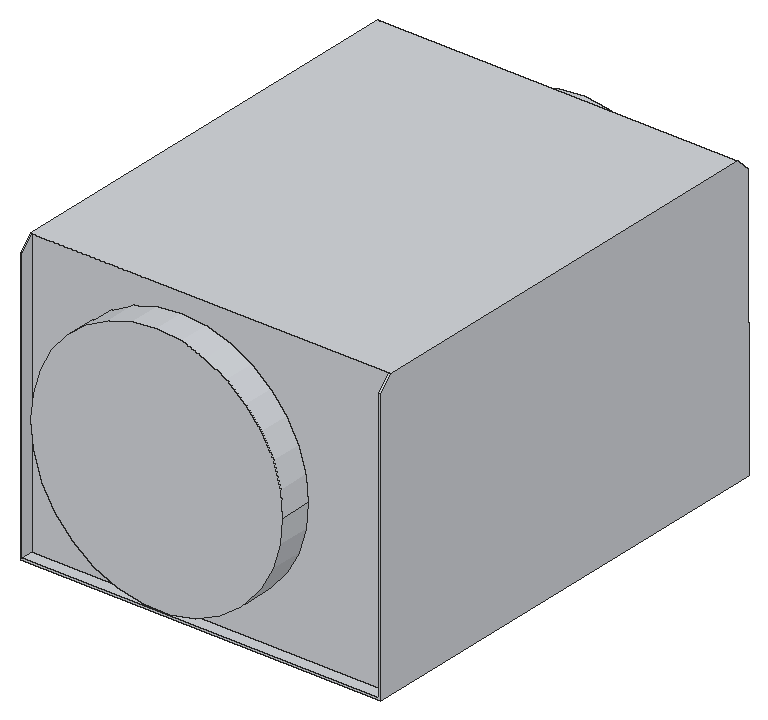
Revit family "CADS_Vent-Axia_MechEquip_Fan_ACQ - SUPPLY", category Mechanical Equipment, host Face, Revit 2020
Family settings
  Host = Face
  Round Connector Dimension = Use Diameter
  Classification = None
  Part Type = Normal
  OmniClass Number = 23.75.35.17.11
  OmniClass Title = Fans for Air Ductwork
  Cut with Voids When Loaded = No
  Shared = No
  Room Calculation Point = No
Parameters (values of type "ACQ40014D")
  WorkingPressure = 0.0 Pa
  WarrantyStartDate [instance] = "1900-12-31T23:59:59"
  WarrantyPeriod = ""
  WarrantyIdentifier = "N/A"
  WarrantyGuarantorParts = ""
  WarrantyGuarantorLabor = ""
  WarrantyGuarantor = ""
  WarrantyEndDate [instance] = "1900-12-31T23:59:59"
  WarrantyContent = ""
  W = 0 mm
  Type Image = CADS_Vent-Axia_MechEquip_Fan_ACQ.jpg
  TemperatureRange = ""
  TagNumber [instance] = "N/A"
  SustainabilityPerformance = ""
  Status = "New"
  SpigotLength = 0 mm
  SpigotCLHeight = 226.125 mm
  Size = "730mm x572mm x456mm"
  Shape = ""
  ServiceLifeType = ""
  ServiceLifeDuration = ""
  SerialNumber [instance] = "N/A"
  ReplacementCost = ""
  RatedVoltage = 0 V
  RatedCurrent = 0 A
  Quantity = 1
  ProductionYear = ""
  PressureCurve = ""
  PowerFactor = ""
  PointOfContact = ""
  OverallLength = 0 mm
  OutOffset = 45 mm
  NumberOfPoles = 0
  NominalWidth = 572 mm
  NominalLength = 730 mm
  NominalHeight = 456 mm
  NominalFrequencyRange = ""
  NominalDiameter = 400 mm
  ModelReference = "ACOUSTIC BOX FAN, 400 DIA SPIGOTS"
  ModelNumber = "ACQ40014D"
  Material = ""
  ManufacturerE-Mail = "tech@vent-axia.com"
  ManufacturerAddress = "Fleming Way\nCrawley \nRH10 9YX"
  L = NominalLength - 40 mm  # 690 mm
  IsExtendedWarranty = no
  InsulationStandardClass = ""
  InstallationDate [instance] = "1900-12-31T23:59:59"
  IfcExportType [instance] = ""
  IfcExportAs [instance] = "IfcFanType"
  IP_Code = ""
  HasProtectiveEarth = no
  H = 0 mm
  GrossWeight = 0.00 kg
  Grade = ""
  GlobalTradeItemNumber [instance] = "N/A"
  Fitting Type = "Ignore"
  Finish = ""
  Features = ""
  ExteriorInsulation = no
  ExpectedServiceLife = 0
  Exclusions = ""
  EBVoffset = 257.4 mm
  EBHoffset = 105.5 mm
  DurationUnit = "Year"
  Default Elevation = 1219.2 mm
  Constituents = ""
  ConductorFunction = ""
  Color = ""
  CodePerformance = ""
  Category = ""
  CADS_Usage = 0
  CADS_Index = 0
  AssetType = "FIXED"
  AssetIdentifier [instance] = "N/A"
  AssemblyPlace = "UNKNOWN"
  ArticleNumber [instance] = "N/A"
  AirflowRateRange = 0.0 L/s
  Air Flow [instance] = 0.0 L/s
  AccessibilityPerformance = ""
Types (10, lengths in mm): name | SpigotCLHeight | Size | OutOffset | NominalWidth | NominalLength | NominalHeight | NominalDiameter | ModelReference | ModelNumber | L | EBVoffset | EBHoffset
  ACQ10012D | 93.75 | "400mm x310mm x190mm" | 61.875 | 310 | 400 | 190 | 100 | "ACOUSTIC BOX FAN, 100 DIA SPIGOTS" | "ACQ10012D" | 360 | 55 | 110
  ACQ12512D | 94.375 | "400mm x310mm x190mm" | 62.5 | 310 | 400 | 190 | 125 | "ACOUSTIC BOX FAN, 125 DIA SPIGOTS" | "ACQ12512D" | 360 | 49 | 109
  ACQ15012D | 93.75 | "400mm x310mm x190mm" | 50 | 310 | 400 | 190 | 150 | "ACOUSTIC BOX FAN, 150 DIA SPIGOTS" | "ACQ15012D" | 360 | 94.1 | 92
  ACQ16012D | 93.75 | "400mm x310mm x190mm" | 45 | 310 | 400 | 190 | 160 | "ACOUSTIC BOX FAN, 160 DIA SPIGOTS" | "ACQ16012D" | 360 | 49 | 109
  ACQ20012D | 140 | "455mm x364mm x285mm" | 55 | 364 | 455 | 285 | 200 | "ACOUSTIC BOX FAN, 200 DIA SPIGOTS" | "ACQ20012D" | 415 | 91.6 | 93
  ACQ25012D | 141.25 | "455mm x364mm x285mm" | 30 | 364 | 455 | 285 | 250 | "ACOUSTIC BOX FAN, 250 DIA SPIGOTS" | "ACQ25012D" | 415 | 91.6 | 92
  ACQ31512LD | 172.75 | "455mm x404mm x348mm" | 20 | 404 | 455 | 348 | 315 | "ACOUSTIC BOX FAN, 315 DIA SPIGOTS" | "ACQ31512LD" | 415 | 123.1 | 89.8
  ACQ31514HD | 226.75 | "730mm x572mm x456mm" | 42.5 | 572 | 730 | 456 | 315 | "ACOUSTIC BOX FAN, 315 DIA SPIGOTS" | "ACQ31514HD" | 690 | 257.4 | 105.5
  ACQ40014D | 226.125 | "730mm x572mm x456mm" | 45 | 572 | 730 | 456 | 400 | "ACOUSTIC BOX FAN, 400 DIA SPIGOTS" | "ACQ40014D" | 690 | 257.4 | 105.5
  ACQ50014D | 286.25 | "918mm x769mm x575mm" | 60 | 769 | 918 | 575 | 500 | "ACOUSTIC BOX FAN, 500 DIA SPIGOTS" | "ACQ50014D" | 878 | 392 | 240
Reference planes
  plane 1 "Center (Front/Back)": y = 0
  plane 2: z = 0
  plane 3 "Center (Left/Right)": x = 0
  plane 4 "Left Face": x = -286
  plane 5 "out face": y = -345
  plane 6 "right face": x = 286
  plane 7 "in face": y = 345
  plane 8: x = -45
  plane 9: z = 226.125
  plane 10 "top face": z = 456
  plane 11: y = -365
  plane 12: y = 365
  plane 13: x = 306
  plane 14: y = 438.348
  plane 15: y = -438.2
Forms (mm)
  Extrusion 1, solid
    sketch origin (0, 0, 0) x (1, 0, 0) y (0, 1, 0)
      loop
        line (-286, 345) -> (-286, -345) -> (286, -345) -> (286, 345) -> (-286, 345)
    from 0 to 456 <- "NominalHeight"
  Extrusion 2, solid
    sketch origin (-22.5, -345, -5) x (1, 0, 0) y (0, 0, 1)
      loop
        circle (-22.5, 231.125) r 200
    from 0 to 50
  Extrusion 3, solid
    sketch origin (0, 345, 0) x (1, 0, 0) y (0, 0, -1)
      loop
        circle (0, -226.125) r 200
    from 0 to 50
  Sweep 4, solid
    path origin (0, -345, 0) x (1, 0, 0) y (0, 0, 1)
      loop
        line (-286, 456) -> (-286, 0) -> (286, 0) -> (286, 456)
    profile origin (-286, -345, 228) x (0, -1, 0) y (1, 0, 0)
      loop
        line (0, 0) -> (20, 0) -> (20, 3) -> (0, 3) -> (0, 0)
  Sweep 5, solid
    path origin (0, 345, 0) x (1, 0, 0) y (0, 0, 1)
      loop
        line (286, 456) -> (286, 0) -> (-286, 0) -> (-286, 456)
    profile origin (286, 345, 228) x (0, 1, 0) y (-1, 0, 0)
      loop
        line (20, 3) -> (0, 3) -> (0, 0) -> (20, 0) -> (20, 3)
  Sweep 6, void
    path origin (0, 0, 456) x (1, 0, 0) y (0, 1, 0)
      loop
        line (-286, -365) -> (306, -365) -> (306, 365) -> (-286, 365)
    profile origin (10, -365, 456) x (0, 1, 0) y (0, 0, 1)
      loop
        line (20, 0) -> (0, 0) -> (0, -20) -> (20, 0)
Cuts and joins
  Sweep 6 cuts Extrusion 1
  Sweep 6 cuts Sweep 4
  Sweep 6 cuts Sweep 5
  joined: Extrusion 1, Sweep 4, Sweep 5
Lines and regions (mm)
  model lines
    curve 1: line (0, 0, 456) -> (0, 80, 456)
    curve 2: line (0, 0, 456) -> (-7.765, 28.978, 456)
    curve 3: line (0, 0, 456) -> (7.765, 28.978, 456)
  model lines, not visible
    curve 4: line (0, 0, 456) -> (0, 80, 456)
    curve 5: line (0, 0, 456) -> (-7.765, 28.978, 456)
    curve 6: line (0, 0, 456) -> (7.765, 28.978, 456)
Dimensions and locks
  "NominalWidth": plane 4 "Left Face" to plane 6 "right face"
  equal spacing: plane 4 "Left Face", plane 3 "Center (Left/Right)", plane 6 "right face"
  "L": plane 5 "out face" to plane 7 "in face"
  equal spacing: plane 5 "out face", plane 1 "Center (Front/Back)", plane 7 "in face"
  "OutOffset": plane 8 to plane 3 "Center (Left/Right)"
  "SpigotCLHeight": plane 9 to plane 2
  locked: Extrusion 2 sketch curve to plane 8
  Extrusion 3 sketch curve to plane 9 = 0 mm
  locked: Extrusion 2 sketch curve to plane 9
  "NominalHeight": level to plane 10 "top face"
  plane 5 "out face" to plane 11 = 20 mm
  plane 7 "in face" to plane 12 = 20 mm
  plane 6 "right face" to plane 13 = 20 mm
  plane 3 "Center (Left/Right)" to Extrusion 3 sketch curve = 0 mm
  plane 7 "in face" to nested 1 = 239.5 mm
  "EBHoffset": nested 1 to plane 1 "Center (Front/Back)"
  "EBVoffset": nested 1 to plane 2
  "NominalDiameter": diameter of Extrusion 2 sketch curve
  "NominalDiameter": diameter of Extrusion 3 sketch curve
  aligned and locked: plane 2 to host face
  aligned and locked: level to host face
  aligned and locked: Sweep 4 sketch curve to plane 6 "right face"
  aligned and locked: Sweep 4 sketch curve to plane 4 "Left Face"
  aligned and locked: Sweep 6 sketch curve to plane 12
  aligned and locked: plane 13 to Sweep 6 sketch curve
  aligned and locked: profile plane to Sweep 4 sketch curve
  aligned and locked: plane 11 to Sweep 4 sketch curve
  aligned and locked: plane 3 "Center (Left/Right)" to curve 1
  aligned and locked: plane 1 "Center (Front/Back)" to curve 3
Automatic sketch dimensions
  host sketch curve to host sketch curve = 2438.4 mm  (x2)
  Extrusion 1 sketch curve to plane 4 "Left Face" = 0 mm
  Extrusion 1 sketch curve to plane 5 "out face" = 0 mm
  Extrusion 1 sketch curve to plane 6 "right face" = 0 mm
  plane 7 "in face" to Extrusion 1 sketch curve = 0 mm
  profile plane to Sweep 4 sketch curve = 0 mm
  Sweep 4 sketch curve to profile plane = 3 mm
  Sweep 5 sketch curve to profile plane = 3 mm
  plane 7 "in face" to Sweep 5 sketch curve = 20 mm
  profile plane to Sweep 5 sketch curve = 0 mm
  Sweep 5 sketch curve to Sweep 5 sketch curve = 20 mm
  Sweep 6 sketch curve to plane 4 "Left Face" = 0 mm  (x2)
  Sweep 6 sketch curve to plane 11 = 0 mm
  Sweep 6 sketch curve to plane 10 "top face" = 0 mm
  Sweep 6 sketch curve to profile plane = 0 mm
  Sweep 6 sketch curve to Sweep 6 sketch curve = 20 mm  (x2)
  Sweep 4 sketch curve to level = 0 mm
  Sweep 4 sketch curve to plane 10 "top face" = 0 mm  (x2)
  Sweep 5 sketch curve to level = 0 mm
  Sweep 5 sketch curve to plane 4 "Left Face" = 0 mm
  plane 6 "right face" to Sweep 5 sketch curve = 0 mm
  Sweep 5 sketch curve to plane 10 "top face" = 0 mm  (x2)
Nested families
  nested 1: "Electrical Connection Box" at (-286, 105.5, 257.4) x (0, -1, 0) z (-1, 0, 0), type "Electrical Connection Box"
Connectors
  hvac at (-45, -395, 226.125), driven by "NominalDiameter", driven by "Air Flow"
    settings: on Extrusion 2, index 1, duct flow 0.0 L/s, flow factor 0, pres drop 0.0 Pa, loss coef 0, conn angle 0.00°, conn width 304.8 mm, conn height 304.8 mm, conn diameter 400 mm, duct sys type 1, conn prof type 0, flow config 0, flow direction 2, loss method 0, conn ref index -1, conn util no, is conn primary yes, conn desc ""
  hvac at (0, 395, 226.125), driven by "NominalDiameter", driven by "Air Flow"
    settings: on Extrusion 3, index 2, duct flow 0.0 L/s, flow factor 0, pres drop 0.0 Pa, loss coef 0, conn angle 0.00°, conn width 304.8 mm, conn height 304.8 mm, conn diameter 400 mm, duct sys type 1, conn prof type 0, flow config 1, flow direction 1, loss method 0, conn ref index -1, conn util no, is conn primary no, conn desc ""
Definition of nested family "Electrical Connection Box"
  Parameters (values of type "Electrical Connection Box")
    Default Elevation = 1219.2 mm
  Reference planes
    plane 1 "Center (Front/Back)": y = 0
    plane 2: z = 0
    plane 3 "Center (Left/Right)": x = 0
    plane 4: y = 42
    plane 5: x = 62.5
  Forms (mm)
    Extrusion 1, solid
      sketch origin (0, 0, 0) x (1, 0, 0) y (0, 1, 0)
        loop
          line (-1219.2, 1219.2) -> (-1219.2, -1219.2) -> (1219.2, -1219.2) -> (1219.2, 1219.2) -> (-1219.2, 1219.2)
      from 0 to -304.8
    Extrusion 2, solid
      sketch origin (-62.5, -42, 0) x (1, 0, 0) y (0, 1, 0)
        loop
          arc (12, 84) -> (3.515, 80.485) -> (0, 72) r 12
          line (0, 72) -> (0, 12)
          arc (0, 12) -> (3.515, 3.515) -> (12, 0) r 12
          line (12, 0) -> (113, 0)
          arc (113, 0) -> (121.485, 3.515) -> (125, 12) r 12
          line (125, 12) -> (125, 72)
          arc (125, 72) -> (121.485, 80.485) -> (113, 84) r 12
          line (113, 84) -> (12, 84)
      from 0 to 45
    Extrusion 3, solid
      sketch origin (62.5, 55.228, -0.59) x (0, -1, 0) y (0, 0, -1)
        loop
          circle (38.228, -23.09) r 11
      from 0 to 3
    Extrusion 4, solid
      sketch origin (181.936, -42, 22.909) x (-1, 0, 0) y (0, 0, -1)
        loop
          circle (154.436, 0.409) r 11
      from 0 to 3
    Extrusion 5, solid
      sketch origin (121.936, -42, 22.909) x (-1, 0, 0) y (0, 0, -1)
        loop
          circle (154.436, 0.409) r 11
      from 0 to 3
  Dimensions and locks
    aligned and locked: plane 2 to Extrusion 1
    aligned and locked: level to Extrusion 1
